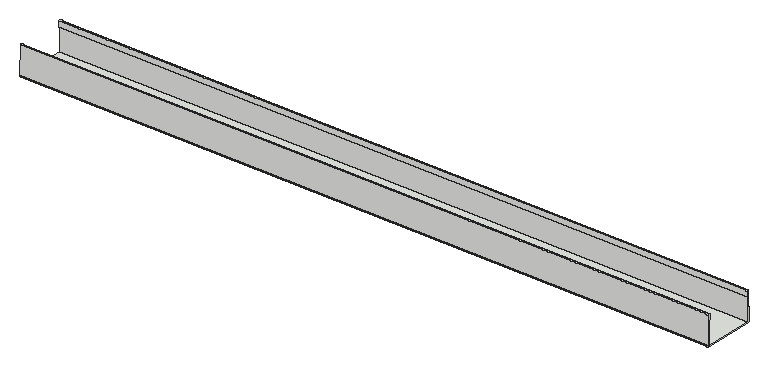
Revit family "PR752", category Mechanical Equipment, Revit 2018
Family settings
  Round Connector Dimension = Use Diameter
  Part Type = Normal
  OmniClass Number = 23.75.00.00
  OmniClass Title = Climate Control (HVAC)
  Work Plane-Based = No
  Always vertical = Yes
  Cut with Voids When Loaded = No
  Shared = No
  Room Calculation Point = No
Parameters (values of type "ISOLAMIN PR752 flashing")
  URL = "http://www.isolamin.se/"
  Thickness = "0.7 mm (Different thicknesses are available on request) \r\n0.7 mm (Different thicknesses are available on request) \r\n0.7 mm (Different thicknesses are available on request)"
  Profile Length = 1180 mm
  Model = "PR752"
  Material = "Galvanized Steel"
  Manufacturer = "ISOLAMIN AB"
  Edition = "1.0 (2018)"
Reference planes
  plane 1 "Center (Front/Back)": y = 0
  plane 2: z = 0
  plane 3 "Center (Left/Right)": x = 0
  plane 4: y = -1284.913
  plane 5: x = 1180
Forms (mm)
  Extrusion 1, solid, material "ISOLAMIN Surface Profile Material"
    sketch origin (0, 0, 0) x (0, 1, 0) y (0, 0, 1)
      loop
        line (-2, 40) -> (-1, 40) -> (-1, 1) -> (-84, 1) -> (-84, 40) -> (-83, 40) -> (-83, 49)
        arc (-83, 49) -> (-84, 50) -> (-85, 49) r 1
        line (-85, 49) -> (-85, 1)
        arc (-85, 1) -> (-84.707, 0.293) -> (-84, 0) r 1
        line (-84, 0) -> (-1, 0)
        arc (-1, 0) -> (-0.293, 0.293) -> (0, 1) r 1
        line (0, 1) -> (0, 49)
        arc (0, 49) -> (-1, 50) -> (-2, 49) r 1
        line (-2, 49) -> (-2, 40)
    from 0 to 1180
Dimensions and locks
  "Profile Length": plane 3 "Center (Left/Right)" to plane 5
  aligned and locked: level to plane 2
  aligned and locked: plane 5 to Extrusion 1
Automatic sketch dimensions
  Extrusion 1 sketch curve to level = 0 mm
  Extrusion 1 sketch curve to plane 1 "Center (Front/Back)" = 0 mm
  plane 1 "Center (Front/Back)" to Extrusion 1 sketch curve = 1 mm  (x3)
  level to Extrusion 1 sketch curve = 40 mm
  Extrusion 1 sketch curve to Extrusion 1 sketch curve = 81 mm
  Extrusion 1 sketch curve to Extrusion 1 sketch curve = 1 mm  (x2)
  Extrusion 1 sketch curve to Extrusion 1 sketch curve = 0 mm  (x2)
  Extrusion 1 sketch curve to Extrusion 1 sketch curve = 39 mm
  Extrusion 1 sketch curve to Extrusion 1 sketch curve = 9 mm  (x2)
